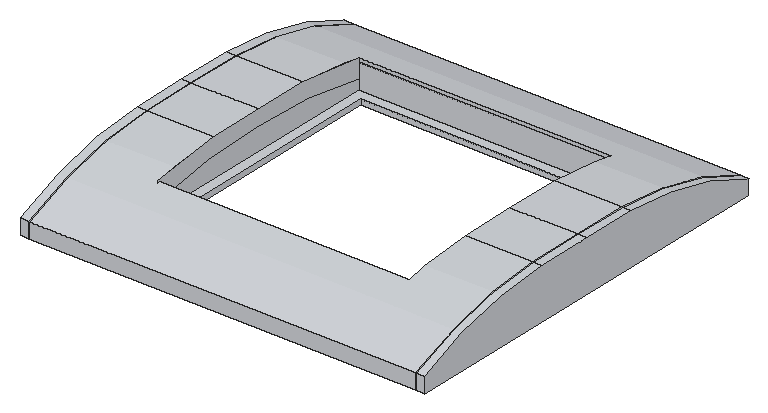
Revit family "Gira_1002761", category Electrical Fixtures, host Face, Revit 2017
Family settings
  Host = Face
  Maintain Annotation Orientation = No
  Round Connector Dimension = Use Diameter
  Part Type = Normal
  Cut with Voids When Loaded = No
  Shared = No
  Room Calculation Point = No
Parameters (values of type "Abdeckrahmen 2f o.M. Zwischenr. CW Gira Event Klar Braun")
  Werkstoffgüte = "Thermoplast"
  Werkstoff = "Kunststoff"
  URL = "http://katalog.gira.de/de_DE/datenblatt.html?artikelnr=1002761"
  Transparent = "No"
  Textfeld/Beschriftungsfläche = "No"
  Schutzart (IP) = "IP20"
  Region = "DE"
  Oberfläche = "sonstige"
  Name = "Abdeckrahmen 2f o.M. Zwischenr. CW Gira Event Klar Braun"
  Montagerichtung = "horizontal und vertikal"
  Mit Montagerahmen = "No"
  Mit Klappdeckel = "No"
  Manufacturer URL = "https://www.gira.de/"
  Keynote = "Event_Rahmen_2fach o.Mittelsteg"
  HeinzeBIM = "https://bimportal.heinze.de/bim/abdeckrahmen-2f-o-m-zwischenr-cw-gira-event-klar-braun/064c5afab90e9a708fec0d46e3b971855c0c5eb3"
  Halogenfrei = "Yes"
  HAN = "1002761"
  Geeignet für Unterputz-Installation = "Yes"
  Geeignet für Unterflurkanaldose = "No"
  Geeignet für Geräteeinbaukanal = "No"
  Geeignet für Einbauinstallation = "No"
  GTIN = "4010337070641"
  Farbe = "braun"
  Default Elevation = 1219.2 mm
  Data sheet (1) = "https://katalog.gira.de/de_DE/download.html?artikelnr=1002761"
  Category = "Abdeckrahmen"
  Befestigungsart = "Klemmbefestigung"
  Available = "Yes"
  Ausführung der Oberfläche = "glänzend"
  Anzahl der Einheiten vertikal = "2 "
  Anzahl der Einheiten horizontal = "2 "
  Anzahl der Einheiten = "2 "
Reference planes
  plane 1 "Center (Front/Back)": y = 0
  plane 2: z = 0
  plane 3 "Center (Left/Right)": x = 0
Forms (mm)
  Extrusion 1, solid, detail levels fine
    sketch origin (0, 0, 1.55) x (0, 1, 0) y (0, 0, 1)
      loop
        arc (12.445, 9.683) -> (6.223, 9.833) -> (0, 9.85) r 291.636
        arc (0, 9.85) -> (-6.223, 9.833) -> (-12.445, 9.683) r 291.636
        arc (-12.445, 9.683) -> (-29.14, 7.482) -> (-45, 1.823) r 79.728
        line (-45, 1.823) -> (-45, -1.55) -> (-41.777, -1.55) -> (-41.777, -0.55)
        arc (-41.777, -0.55) -> (-21.205, 4.846) -> (0, 6.467) r 118.15
        arc (0, 6.467) -> (21.205, 4.846) -> (41.777, -0.55) r 118.15
        line (41.777, -0.55) -> (41.777, -1.55) -> (45, -1.55) -> (45, 1.823)
        arc (45, 1.823) -> (29.14, 7.482) -> (12.445, 9.683) r 79.728
    from -43 to 43
  Extrusion 2, void, detail levels fine
    sketch origin (0, 0, 0) x (1, 0, 0) y (0, 1, 0)
      loop
        line (-28, -28) -> (28, -28) -> (28, 28) -> (-28, 28) -> (-28, -28)
    from 2.85 to 12
  Extrusion 3, solid, detail levels coarse
    sketch origin (0, 0, 0) x (1, 0, 0) y (0, 1, 0)
      loop
        line (-45, 45) -> (-45, -45) -> (45, -45) -> (45, 45) -> (-45, 45)
    from 0 to 11.4
  Extrusion 4, solid, detail levels medium
    sketch origin (0, 0, 1.55) x (0, 1, 0) y (0, 0, 1)
      loop
        arc (12.445, 9.683) -> (6.223, 9.833) -> (0, 9.85) r 291.636
        arc (0, 9.85) -> (-6.223, 9.833) -> (-12.445, 9.683) r 291.636
        arc (-12.445, 9.683) -> (-29.14, 7.482) -> (-45, 1.823) r 79.728
        line (-45, 1.823) -> (-45, -1.55) -> (45, -1.55) -> (45, 1.823)
        arc (45, 1.823) -> (29.14, 7.482) -> (12.445, 9.683) r 79.728
    from -45 to 45
  Extrusion 5, solid, detail levels fine
    sketch origin (0, 0, 0) x (0, 1, 0) y (0, 0, 1)
      loop
        arc (45, 3.373) -> (29.14, 9.032) -> (12.445, 11.233) r 79.728
        arc (12.445, 11.233) -> (6.223, 11.383) -> (0, 11.4) r 291.636
        arc (0, 11.4) -> (-6.223, 11.383) -> (-12.445, 11.233) r 291.636
        arc (-12.445, 11.233) -> (-29.14, 9.032) -> (-45, 3.373) r 79.728
        line (-45, 3.373) -> (-45, 0) -> (45, 0) -> (45, 3.373)
    from 43 to 45
  Extrusion 6, solid, detail levels fine
    sketch origin (0, 0, 0) x (0, 1, 0) y (0, 0, -1)
      loop
        line (45, -3.373) -> (45, 0) -> (-45, 0) -> (-45, -3.373)
        arc (-45, -3.373) -> (-29.14, -9.032) -> (-12.445, -11.233) r 79.728
        arc (-12.445, -11.233) -> (-6.223, -11.383) -> (0, -11.4) r 291.636
        arc (0, -11.4) -> (6.223, -11.383) -> (12.445, -11.233) r 291.636
        arc (12.445, -11.233) -> (29.14, -9.032) -> (45, -3.373) r 79.728
    from 43 to 45
  Extrusion 7, solid, detail levels fine
    sketch origin (0, 0, 0) x (1, 0, 0) y (0, 1, 0)
      loop
        line (-25.7, 25.7) -> (-25.7, -25.7) -> (25.7, -25.7) -> (25.7, 25.7) -> (-25.7, 25.7)
      loop
        line (-29.495, 27.895) -> (-29.495, -27.895)
        spline (-29.495, -27.895) -> (-29.486, -28.025) -> (-29.461, -28.154) -> (-29.419, -28.278) -> (-29.361, -28.395) -> (-29.288, -28.504) -> (-29.202, -28.602) -> (-29.104, -28.688) -> (-28.995, -28.761) -> (-28.878, -28.819) -> (-28.754, -28.861) -> (-28.625, -28.886) -> (-28.495, -28.895)
        line (-28.495, -28.895) -> (28.495, -28.895)
        spline (28.495, -28.895) -> (28.625, -28.886) -> (28.754, -28.861) -> (28.878, -28.819) -> (28.995, -28.761) -> (29.104, -28.688) -> (29.202, -28.602) -> (29.288, -28.504) -> (29.361, -28.395) -> (29.419, -28.278) -> (29.461, -28.154) -> (29.486, -28.025) -> (29.495, -27.895)
        line (29.495, -27.895) -> (29.495, 27.895)
        spline (29.495, 27.895) -> (29.486, 28.025) -> (29.461, 28.154) -> (29.419, 28.278) -> (29.361, 28.395) -> (29.288, 28.504) -> (29.202, 28.602) -> (29.104, 28.688) -> (28.995, 28.761) -> (28.878, 28.819) -> (28.754, 28.861) -> (28.625, 28.886) -> (28.495, 28.895)
        line (28.495, 28.895) -> (-28.495, 28.895)
        spline (-28.495, 28.895) -> (-28.625, 28.886) -> (-28.754, 28.861) -> (-28.878, 28.819) -> (-28.995, 28.761) -> (-29.104, 28.688) -> (-29.202, 28.602) -> (-29.288, 28.504) -> (-29.361, 28.395) -> (-29.419, 28.278) -> (-29.461, 28.154) -> (-29.486, 28.025) -> (-29.495, 27.895)
    from 1.673 to 8.5
Cuts and joins
  Extrusion 2 cuts Extrusion 1
  Extrusion 2 cuts Extrusion 7
Dimensions and locks
  aligned and locked: plane 2 to host face
  aligned and locked: level to host face
